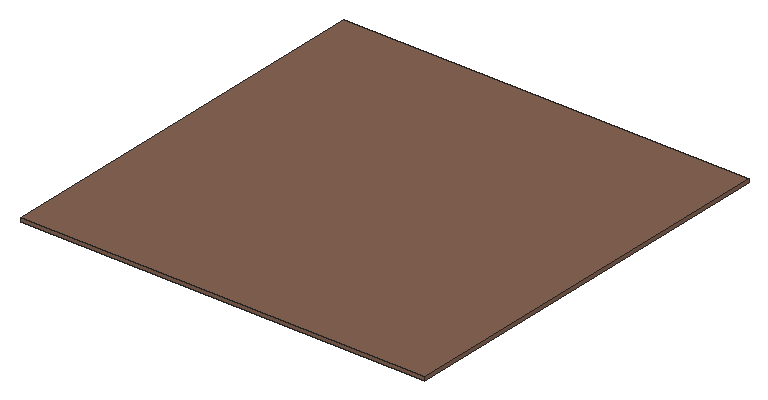
Revit family "ArmathermGradeFRR_US", category Specialty Equipment, host Face, Revit 2026
Family settings
  Host = Face
  Round Connector Dimension = Use Diameter
  Part Type = Normal
  Enable Cutting in Views = No
  Cut with Voids When Loaded = No
  Maintain Annotation Orientation = No
  Shared = No
  Room Calculation Point = No
Parameters (values of type "10mm")
  _ObjectUserGuide = ""
  _DistributedBy = "www.bimstore.co"
  _CurrentRevision = 2
  _CreatedBy = "www.bimstore.co"
  _BimSpecGuid = 0
  _BSBibleVersion = 16
  _AuthorizedBy = "bimstore"
  _Author = "AM"
  WarrantyStartDate [instance] = "Please record on commissioning"
  WarrantyGuarantorParts = "sales@armatherm.com"
  WarrantyGuarantorLabor = "sales@armatherm.com"
  WarrantyDurationUnit = "Year"
  WarrantyDurationParts = "0"
  WarrantyDurationLabor = "0"
  WarrantyDescription = "n/a"
  Thickness = 10.00 mm
  ThermalConductivity = "1.056 BTU in/h ft² °F"
  ThermalBreakMaterial = Armadillo_ThermalBreakMaterial_ArmathermFRR
  StandardThickness = "1/2”, 3/4”, 1”, & 2”"
  ShearStrength = "PSI 16,000"
  Product data url = "https://www.bimobject.com/armatherm/product/armatherm-frr"
  NBSOfficeMasterTag = "n/a"
  URL = "https://www.armatherm.com/"
  TypeName = Type Comments  # "Thermal break"
  Type Comments = "Thermal break"
  SpareParts = "n/a"
  Size = "n/a"
  Shape = "n/a"
  SerialNumber [instance] = "Please record on commissioning"
  ReplacementCost = "n/a"
  ReferencedStandard = "n/a"
  ProductionYear = "2020"
  NominalDepth [instance] = Depth  # 1220.00 mm
  NBSReference = "45-75-42/399"
  NBSObjectName = "Armadillo Thermal break connection plates"
  NBSNote = ""
  NBSDescription = "Thermal break connection plates"
  ModelReference = Type Comments  # "Thermal break"
  ModelNumber = Model  # "Armatherm Grade FRR"
  Model = "Armatherm Grade FRR"
  MinimumOperatingTemperature = "-60°F "
  MaximumOperatingTemperature = "220°F "
  MaximumLoadingPressure = "PSI 45,000"
  Material = "Thermoset resin"
  ManufacturerName = "Armadillo"
  Manufacturer = "Armadillo"
  Length [instance] = 1220.00 mm
  Keynote = "G"
  InstallationDate [instance] = "Please record on commissioning"
  IfcExportType = "INSULATION"
  IfcExportAs = "IfcCoveringType"
  Grade = "n/a"
  Finish = "n/a"
  Features = "n/a"
  ExpectedLife = 0
  DurationUnit = "Year"
  DocumentationTechnical = "https://www.bimstore.co/products/armatherm-frr-structural-thermal-break-material/document/technical-data-sheet"
  DocumentationMaintenance = "https://www.armatherm.com/"
  DocumentationLiterature = "https://www.bimstore.co/products/armatherm-frr-structural-thermal-break-material/document/product-literature"
  DocumentationInstallationGuide = "https://www.armatherm.com/"
  DocumentationCertificates = "https://www.armatherm.com/"
  Description = "Reducing heat flow within a building’s thermal envelope reduces energy consumption as well as potential condensation issues. Thermal bridging through steel and concrete framing can have a significant impact on a building’s energy performance. Armatherm™ FRR thermal break material provides low thermal conductivity and high compressive strength. Armatherm™ FRR is made of a reinforced, thermoset resin which enables FRR to boast limited combustibility and reduce the amount of creep under load making it the ideal material for use in structural thermal break connections."
  Depth [instance] = 1220.00 mm
  CreatedOn = "2020-11-12 T09:00:00"
  CreatedBy = "sales@armatherm.com"
  NominalLength [instance] = Length  # 1220.00 mm
  NominalHeight = Thickness  # 10.00 mm
  Default Elevation = 1200.00 mm
  Constituents = "n/a"
  CompressiveModulus = "PSI 83,500"
  Color = "n/a"
  CodePerformance = "n/a"
  ClassificationValue = "Pr_35_90_15_89"
  ClassificationName = "Uniclass2015"
  BarCode [instance] = "Please record on commissioning"
  BIMObjectName = "Armadillo_ThermalBreakMaterial_ArmathermGradeFRR"
  AssetType = "Fixed"
  AssetIdentifier [instance] = "Please record on commissioning"
  Assembly Code = "B"
  Area [instance] = Length * Depth  # 1.4884 m²
  AccessibilityPerformance = "n/a"
Types (9, lengths in mm): name | Thickness | NominalHeight
  (no name) | 10.00 | 10.00
  3mm | 3.00 | 3.00
  6mm | 6.00 | 6.00
  10mm | 10.00 | 10.00
  12mm | 12.00 | 12.00
  15mm | 15.00 | 15.00
  20mm | 20.00 | 20.00
  25mm | 25.00 | 25.00
  50mm | 50.00 | 50.00
Reference planes
  plane 1 "Center (Front/Back)": y = 0
  plane 2: z = 0
  plane 3 "Center (Left/Right)": x = 0
  plane 4: x = -610
  plane 5: x = 610
  plane 6: y = -610
  plane 7: y = 610
  plane 8: z = 10
Forms (mm)
  Extrusion 1, solid, material "Armadillo_ThermalBreakMaterial_ArmathermFRR" <- "ThermalBreakMaterial"
    sketch origin (0, 0, 109) x (0, 1, 0) y (-1, 0, 0)
      loop
        line (610, 610) -> (-610, 610) -> (-610, -610) -> (610, -610) -> (610, 610)
    from -109 to -99
Dimensions and locks
  "Depth": plane 7 to plane 6
  equal spacing: plane 4, plane 3 "Center (Left/Right)", plane 5
  "Length": plane 4 to plane 5
  "Thickness": plane 8 to level
  equal spacing: plane 7, plane 1 "Center (Front/Back)", plane 6
  aligned and locked: plane 2 to host face
  aligned and locked: level to host face
  aligned and locked: Extrusion 1 sketch curve to plane 7
  aligned and locked: plane 4 to Extrusion 1 sketch curve
  aligned and locked: plane 6 to Extrusion 1 sketch curve
  aligned and locked: Extrusion 1 sketch curve to plane 5
  aligned and locked: Extrusion 1 to level
  aligned and locked: plane 8 to Extrusion 1
Automatic sketch dimensions
  host sketch curve to host sketch curve = 2500.00 mm  (x2)
